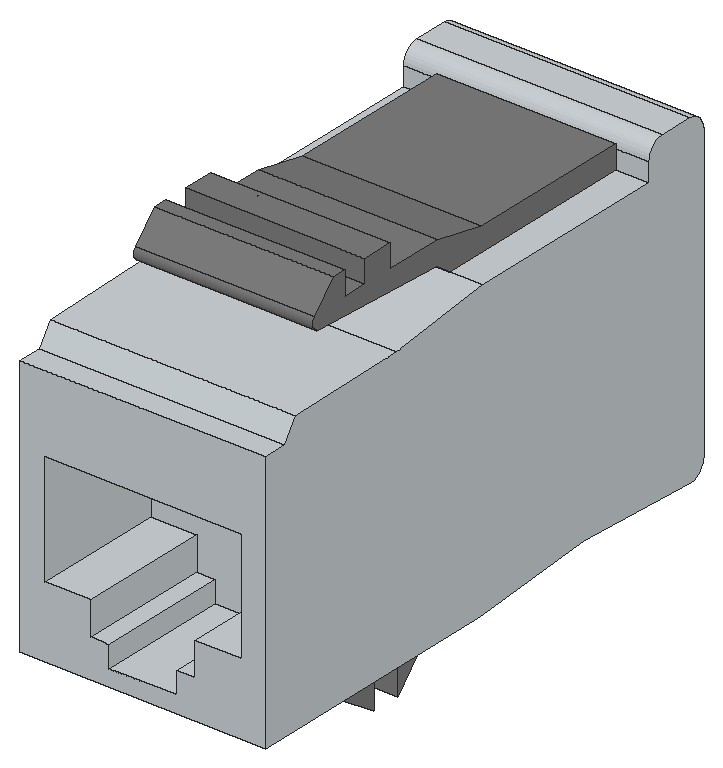
Revit family "Leviton-Data_Device-AC6JAKS000DC", category Data Devices, Revit 2026
Family settings
  Round Connector Dimension = Use Diameter
  Part Type = Normal
  Classification Number = 23.85.50.17
  Work Plane-Based = No
  Always vertical = Yes
  Cut with Voids When Loaded = No
  Maintain Annotation Orientation = No
  Shared = No
  Room Calculation Point = No
Parameters
  Manufacturer Info [instance] = "https://www.arcat.com/arcatcos/cos41/arc41690.html?q=leviton"  # constant formula
  Default Elevation = 0.0 mm
Reference planes
  plane 1 "Center (Front/Back)": y = 0
  plane 2: z = 0
  plane 3 "Center (Left/Right)": x = 0
  plane 4: x = -7.4
  plane 5: x = 7.4
  plane 6: x = -5.4
  plane 7: x = 5.4
Forms (mm)
  Extrusion 1, solid, material "Leviton - Grey"
    sketch origin (0, 0, 0) x (0, 1, 0) y (0, 0, 1)
      loop
        line (33, 1.28) -> (33, 19)
        arc (33, 19) -> (32.707, 19.707) -> (32, 20) r 1
        line (32, 20) -> (29.911, 20)
        arc (29.911, 20) -> (29.204, 19.707) -> (28.911, 19) r 1
        line (28.911, 19) -> (28.911, 17.873) -> (16.375, 17.842) -> (9.865, 17.115) -> (2.301, 16.971) -> (1.456, 15.751) -> (0, 15.751) -> (0, 0) -> (16.132, 0)
        arc (16.132, 0) -> (23.997, 0.681) -> (31.882, 0.287) r 57.984
        arc (31.882, 0.287) -> (32.664, 0.533) -> (33, 1.28) r 1
    from -7.4 to 7.4
  Extrusion 2, solid, material "Leviton - Black"
    sketch origin (0, 0, 0) x (0, 1, 0) y (0, 0, 1)
      loop
        line (28.911, 19.262) -> (18.801, 19.262) -> (15.453, 20) -> (11.896, 20) -> (11.896, 21.393) -> (9.967, 21.393) -> (9.967, 20) -> (8.462, 20) -> (8.462, 21.426) -> (7.657, 21.426) -> (6.201, 19.888)
        arc (6.201, 19.888) -> (6.1, 19.358) -> (6.539, 19.045) r 0.5
        line (6.539, 19.045) -> (15.328, 18.612) -> (16.375, 17.842) -> (28.911, 17.873) -> (28.911, 19.262)
    from -5.4 to 5.4
  Extrusion 3, solid, material "Leviton - Black"
    sketch origin (0, 0, 0) x (0, 1, 0) y (0, 0, 1)
      loop
        line (9.931, -1.567) -> (11.376, 0) -> (9.931, 0) -> (9.931, -1.567)
      loop
        line (8.154, 0) -> (5.841, 0) -> (8.154, -1.567) -> (8.154, 0)
    from -7.4 to 7.4
  Extrusion 4, void
    sketch origin (0, 0, 0) x (1, 0, 0) y (0, 0, 1)
      loop
        line (-5.95, 11.1) -> (-5.95, 4.3) -> (-3.15, 4.3) -> (-3.15, 2.3) -> (-2.05, 2.3) -> (-2.05, 1) -> (2.05, 1) -> (2.05, 2.3) -> (3.15, 2.3) -> (3.15, 4.3) -> (5.95, 4.3) -> (5.95, 11.1) -> (-5.95, 11.1)
    from 0 to -8
Cuts and joins
  Extrusion 4 cuts Extrusion 1
